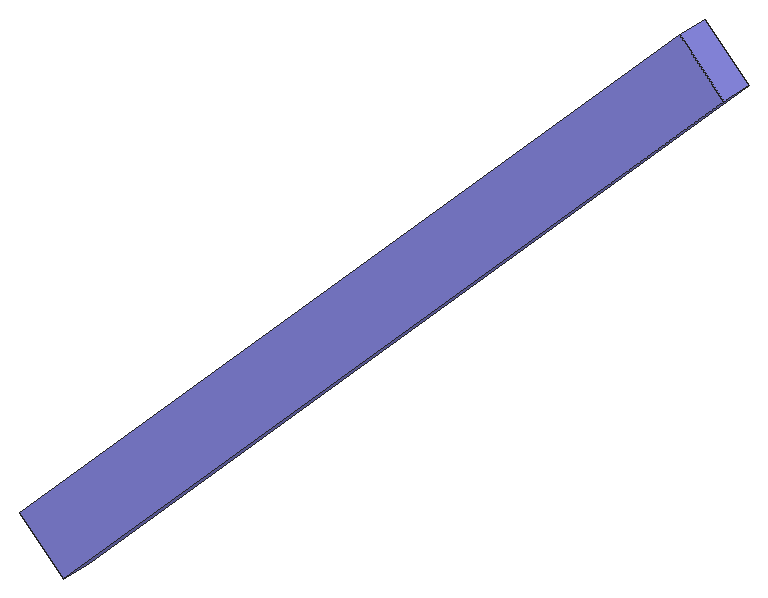
Revit family "配管サポート_H形鋼", category Generic Models, Revit 2023
Family settings
  Can host rebar = No
  Round Connector Dimension = Use Diameter
  Part Type = Normal
  Work Plane-Based = Yes
  Always vertical = No
  Cut with Voids When Loaded = No
  Maintain Annotation Orientation = No
  Shared = No
  Room Calculation Point = No
Parameters (values of type "Ｈ 100 x 50")
  高さ = 100 mm
  長辺 [instance] = 長さ  # 1500 mm
  長さ [instance] = 1500 mm
  部屋名 = ""
  角度 [instance] = 45.00°
  Default Elevation = 1219.2 mm
  構造マテリアル = E102_配管サポート
  幅 = 50 mm
Types (33, lengths in mm): name | 高さ | 長辺 | 長さ | 角度 | 幅
  Ｈ 900 x 300 | 900 | 1000 | 1000 | 45.00° | 300
  Ｈ 800 x 300 | 800 | 1000 | 1000 | 45.00° | 300
  Ｈ 700 x 300 | 700 | 1000 | 1000 | 45.00° | 300
  Ｈ 588 x 300 | 588 | 1000 | 1000 | 45.00° | 300
  Ｈ 600 x 200 | 600 | 1000 | 1000 | 45.00° | 200
  Ｈ 488 x 300 | 488 | 1000 | 1000 | 45.00° | 300
  Ｈ 500 x 200 | 500 | 1000 | 1000 | 45.00° | 200
  Ｈ 440 x 300 | 440 | 1000 | 1000 | 45.00° | 300
  Ｈ 450 x 200 | 450 | 1000 | 1000 | 90.00° | 200
  Ｈ 400 x 400 | 400 | 1000 | 1000 | 45.00° | 400
  Ｈ 390 x 300 | 390 | 1000 | 1000 | 45.00° | 300
  Ｈ 400 x 200 | 400 | 1000 | 1000 | 45.00° | 200
  Ｈ 350 x 350 | 350 | 1000 | 1000 | 45.00° | 350
  Ｈ 340 x 250 | 340 | 1000 | 1000 | 45.00° | 250
  Ｈ 294 x 200 | 294 | 1000 | 1000 | 45.00° | 200
  Ｈ 244 x 175 | 244 | 1000 | 1000 | 45.00° | 175
  Ｈ 350 x 175 | 350 | 1000 | 1000 | 45.00° | 175
  Ｈ 300 x 300 | 300 | 1000 | 1000 | 45.00° | 300
  Ｈ 300 x 150 | 300 | 1000 | 1000 | 45.00° | 150
  Ｈ 250 x 250 | 250 | 1000 | 1000 | 45.00° | 250
  Ｈ 250 x 125 | 250 | 1000 | 1000 | 45.00° | 125
  Ｈ 200 x 200 | 200 | 1000 | 1000 | 45.00° | 200
  Ｈ 194 x 150 | 194 | 1000 | 1000 | 45.00° | 150
  Ｈ 200 x 100 | 200 | 1000 | 1000 | 45.00° | 100
  Ｈ 175 x 175 | 175 | 1000 | 1000 | 45.00° | 175
  Ｈ 175 x 90 | 175 | 1000 | 1000 | 45.00° | 90
  Ｈ 150 x 150 | 150 | 500 | 500 | 45.00° | 150
  Ｈ 148 x 100 | 148 | 1000 | 1000 | 45.00° | 100
  Ｈ 150 x 75 | 150 | 1000 | 1000 | 45.00° | 75
  Ｈ 125 x 125 | 125 | 500 | 500 | 45.00° | 125
  Ｈ 125 x 60 | 125 | 1000 | 1000 | 45.00° | 60
  Ｈ 100 x100 | 100 | 500 | 500 | 45.00° | 100
  Ｈ 100 x 50 | 100 | 1500 | 1500 | 45.00° | 50
Reference planes
  plane 1 "中心(正面/背面)": y = 0
  plane 2: z = 0
  plane 3 "中心(左/右)": x = 0
Lines and regions (mm)
  reference lines
    curve 1: line (0, 0, 0) -> (777.817, 0, 777.817)
    curve 2: line (35.355, 0, -35.355) -> (-35.355, 0, 35.355)
    curve 3: line (1096.016, 0, 1025.305) -> (1025.305, 0, 1096.016)
Dimensions and locks
  equal spacing: curve 2, curve 1, curve 2
  "高さ": curve 2 to curve 2
  equal spacing: curve 3, curve 1, curve 3
  "高さ": curve 3 to curve 3
  "長さ": curve 3 to curve 2
  "角度": angle level to curve 1
  angle curve 2 to curve 1 = 90.00°
  angle curve 3 to curve 1 = 90.00°
  aligned and locked: level to plane 2
  aligned and locked: level to curve 1
  aligned and locked: plane 3 "中心(左/右)" to curve 1
  aligned and locked: nested 1 to curve 1
Nested families
  nested 1: "グレーチング_H形鋼 1" at (-35.355, 0, 35.355) x (0, 1, 0) z (0.7071, 0, -0.7071), 長さ <- "長さ", type "Ｈ 100 x 50"
    with 長辺 1500 mm, 長さ 1500 mm
Definition of nested family "グレーチング_H形鋼 1"
  Parameters (values of type "Ｈ 150 x 150")
    高さ = 150 mm
    長辺 [instance] = 長さ  # 500 mm
    長さ [instance] = 500 mm
    部屋名 = ""
    Default Elevation = 1219.2 mm
    構造マテリアル = none
    幅 = 150 mm
  Types (33, lengths in mm): name | 高さ | 長辺 | 長さ | 幅
    Ｈ 900 x 300 | 900 | 1000 | 1000 | 300
    Ｈ 800 x 300 | 800 | 1000 | 1000 | 300
    Ｈ 700 x 300 | 700 | 1000 | 1000 | 300
    Ｈ 588 x 300 | 588 | 1000 | 1000 | 300
    Ｈ 600 x 200 | 600 | 1000 | 1000 | 200
    Ｈ 488 x 300 | 488 | 1000 | 1000 | 300
    Ｈ 500 x 200 | 500 | 1000 | 1000 | 200
    Ｈ 440 x 300 | 440 | 1000 | 1000 | 300
    Ｈ 450 x 200 | 450 | 1000 | 1000 | 200
    Ｈ 400 x 400 | 400 | 1000 | 1000 | 400
    Ｈ 390 x 300 | 390 | 1000 | 1000 | 300
    Ｈ 400 x 200 | 400 | 1000 | 1000 | 200
    Ｈ 350 x 350 | 350 | 1000 | 1000 | 350
    Ｈ 340 x 250 | 340 | 1000 | 1000 | 250
    Ｈ 294 x 200 | 294 | 1000 | 1000 | 200
    Ｈ 244 x 175 | 244 | 1000 | 1000 | 175
    Ｈ 350 x 175 | 350 | 1000 | 1000 | 175
    Ｈ 300 x 300 | 300 | 1000 | 1000 | 300
    Ｈ 300 x 150 | 300 | 500 | 500 | 150
    Ｈ 250 x 250 | 250 | 500 | 500 | 250
    Ｈ 250 x 125 | 250 | 500 | 500 | 125
    Ｈ 200 x 200 | 200 | 500 | 500 | 200
    Ｈ 194 x 150 | 194 | 500 | 500 | 150
    Ｈ 200 x 100 | 200 | 500 | 500 | 100
    Ｈ 175 x 175 | 175 | 500 | 500 | 175
    Ｈ 175 x 90 | 175 | 500 | 500 | 90
    Ｈ 150 x 150 | 150 | 500 | 500 | 150
    Ｈ 148 x 100 | 148 | 500 | 500 | 100
    Ｈ 150 x 75 | 150 | 500 | 500 | 75
    Ｈ 125 x 125 | 125 | 500 | 500 | 125
    Ｈ 125 x 60 | 125 | 500 | 500 | 60
    Ｈ 100 x100 | 100 | 500 | 500 | 100
    Ｈ 100 x 50 | 100 | 500 | 500 | 50
  Reference planes
    plane 1 "中心(正面/背面)": y = 0
    plane 2: z = 0
    plane 3 "中心(左/右)": x = 0
    plane 4: z = 75
    plane 5: z = 150
  Forms (mm)
    Extrusion 1, solid, material <- "構造マテリアル"
      sketch origin (0, 0, 0) x (1, 0, 0) y (0, 1, 0)
        loop
          line (-75, 500) -> (-75, 0) -> (75, 0) -> (75, 500) -> (-75, 500)
      from 0 to 150
  Lines and regions (mm)
    reference lines
      curve 1: line (75, 500, 0) -> (-75, 500, 0)
      curve 2: line (75, 0, 0) -> (-75, 0, 0)
  Dimensions and locks
    "長さ": curve 1 to curve 2
    "幅": Extrusion 1 to Extrusion 1
    equal spacing: Extrusion 1, plane 3 "中心(左/右)", Extrusion 1
    "幅": curve 1 to curve 1
    equal spacing: curve 1, plane 3 "中心(左/右)", curve 1
    "幅": curve 2 to curve 2
    equal spacing: curve 2, plane 3 "中心(左/右)", curve 2
    equal spacing: plane 5, plane 4, level
    "高さ": plane 5 to level
    aligned and locked: level to plane 2
    aligned and locked: Extrusion 1 to curve 2
    aligned and locked: curve 1 to Extrusion 1
    aligned and locked: plane 5 to Extrusion 1
  Automatic sketch dimensions
    Extrusion 1 sketch curve to plane 3 "中心(左/右)" = 75 mm
    plane 3 "中心(左/右)" to Extrusion 1 sketch curve = 75 mm
    plane 1 "中心(正面/背面)" to Extrusion 1 sketch curve = 0 mm
    Extrusion 1 sketch curve to plane 1 "中心(正面/背面)" = 500 mm
    plane 1 "中心(正面/背面)" to curve 2 = 0 mm
